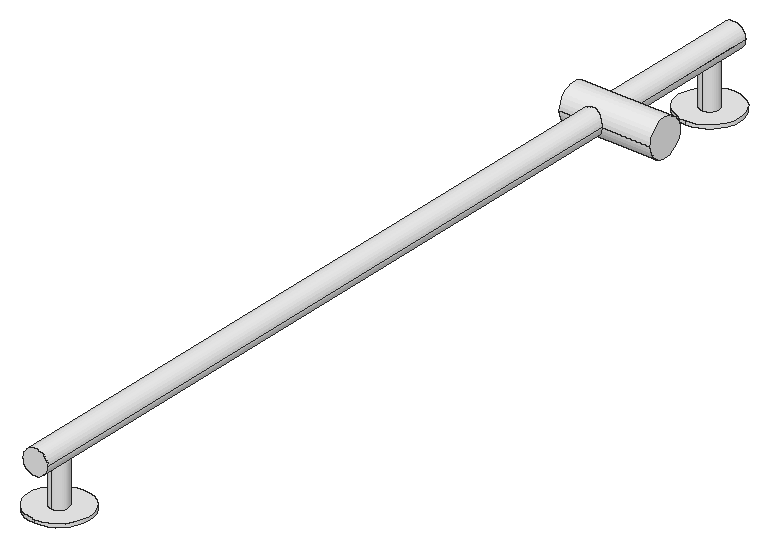
Revit family "KEUCO_34912010800", category Allgemeines Modell, Revit 2016
Family settings
  Teiletyp = Normal
  Kann Basisbauteil für Bewehrung sein = Nein
  Bemaßung runder Anschluss = Durchmesser verwenden
  Arbeitsebenenbasiert = Ja
  Immer vertikal = Nein
  Beim Laden mit Abzugskörper schneiden = Nein
  Gemeinsam genutzt = Nein
  Raumberechnungspunkt = Nein
Parameters (values of type "34912171100")
  Verwendung = ""
  URL = "https://www.keuco.com/de/produkte/sortiment/artikel/?pid=34912&oid=1&pgo=13&country=de&lang=de&vid=34912171100"
  Preisgruppe = ""
  Material Stange = 1180 mm
  Materialien bei Hersteller anfragen = "Anfrage zu:  objektmanagement@keuco.de"
  Kategorie = ""
  Gewicht = 0
  Beschreibung = "komplett mit Brauseschieber"
  Default Elevation = 1219.2 mm
  Serie = "Plan"  # constant formula
  Stange Material = Verchromt
  Hersteller = "KEUCO"  # constant formula
  Assembly Code = ""
  Ausschreibungstext = "KEUCO PLAN CARE Brausestange 34912171100\r\nBrausestange \r\nin Aluminium silber-eloxiert (E6 EV1)/verchromt,\r\nin ästhetischem, funktionalem und ergonomischem Design, \r\nkomplett mit Brauseschieber,\r\nals Haltegriff bis 115 kg belastbar, \r\nantistatisch, leicht zu reinigen,\r\nRohrdurchmesser 33 mm, Rosettendurchmesser 82 mm,\r\nAchsmaß 1100 mm, bei einer Gesamthöhe von 1182 mm\r\nAusladung 90 mm, Wandabstand 57 mm,\r\nDie Brausestange wird verdeckt angebracht\r\n\r\nIm Lieferumfang enthalten: \r\n2 x Befestigungs-Set 1 \r\nArt.-Nr. 34990000100 (je 1 x pro Wandbefestigung) \r\n\r\nWeitere Befestigungs-Sets\r\n(je nach Ankergrund/Mauerwerk):\r\n2 x Befestigungs-Set 4 (Art.-Nr. 34990000200) oder\r\n2 x Befestigungs-Set 7 (Art.-Nr. 34993000200)"
  Artikelnummer = "34912171100"
Types (7, lengths in mm): name | URL | Material Stange | Materialien bei Hersteller anfragen | Beschreibung | Stange Material | Ausschreibungstext | Artikelnummer
  (no name) | "https://www.keuco.com" | 880 | "Request to:  objektmanagement@keuco.de" | "--" | Verchromt | "" | "34912010800"
  34912010800 | "https://www.keuco.com/de/produkte/sortiment/artikel/?pid=34912&oid=1&pgo=13&country=de&lang=de&vid=34912010800" | 880 | "Request to:  objektmanagement@keuco.de" | "komplett mit Brauseschieber" | Verchromt | "KEUCO PLAN CARE Brausestange 34912010800\r\nhochglanzverchromte Brausestange \r\nin ästhetischem, funktionalem und ergonomischem Design, \r\nkomplett mit Brauseschieber,\r\nals Haltegriff bis 115 kg belastbar, \r\nantistatisch, leicht zu reinigen,\r\nRohrdurchmesser 33 mm, Rosettendurchmesser 82 mm,\r\nAchsmaß 800 mm, bei einer Gesamthöhe von 882 mm\r\nAusladung 90 mm, Wandabstand 57 mm,\r\nDie Brausestange wird verdeckt angebracht\r\n\r\nIm Lieferumfang enthalten: \r\n2 x Befestigungs-Set 1 \r\nArt.-Nr. 34990000100 (je 1 x pro Wandbefestigung) \r\n\r\nWeitere Befestigungs-Sets\r\n(je nach Ankergrund/Mauerwerk):\r\n2 x Befestigungs-Set 4 (Art.-Nr. 34990000200) oder\r\n2 x Befestigungs-Set 7 (Art.-Nr. 34993000200)" | "34912010800"
  34912010900 | "https://www.keuco.com/de/produkte/sortiment/artikel/?pid=34912&oid=1&pgo=13&country=de&lang=de&vid=34912010900" | 980 | "Request to:  objektmanagement@keuco.de" | "komplett mit Brauseschieber" | Verchromt | "KEUCO PLAN CARE Brausestange 34912010900\r\nhochglanzverchromte Brausestange \r\nin ästhetischem, funktionalem und ergonomischem Design, \r\nkomplett mit Brauseschieber,\r\nals Haltegriff bis 115 kg belastbar, \r\nantistatisch, leicht zu reinigen,\r\nRohrdurchmesser 33 mm, Rosettendurchmesser 82 mm,\r\nAchsmaß 900 mm, bei einer Gesamthöhe von 982 mm\r\nAusladung 90 mm, Wandabstand 57 mm,\r\nDie Brausestange wird verdeckt angebracht\r\n\r\nIm Lieferumfang enthalten: \r\n2 x Befestigungs-Set 1 \r\nArt.-Nr. 34990000100 (je 1 x pro Wandbefestigung) \r\n\r\nWeitere Befestigungs-Sets\r\n(je nach Ankergrund/Mauerwerk):\r\n2 x Befestigungs-Set 4 (Art.-Nr. 34990000200) oder\r\n2 x Befestigungs-Set 7 (Art.-Nr. 34993000200)" | "34912010900"
  34912011100 | "https://www.keuco.com/de/produkte/sortiment/artikel/?pid=34912&oid=1&pgo=13&country=de&lang=de&vid=34912011100" | 1180 | "Request to:  objektmanagement@keuco.de" | "komplett mit Brauseschieber" | Verchromt | "KEUCO PLAN CARE Brausestange 34912011100\r\nhochglanzverchromte Brausestange \r\nin ästhetischem, funktionalem und ergonomischem Design, \r\nkomplett mit Brauseschieber,\r\nals Haltegriff bis 115 kg belastbar, \r\nantistatisch, leicht zu reinigen,\r\nRohrdurchmesser 33 mm, Rosettendurchmesser 82 mm,\r\nAchsmaß 1100 mm, bei einer Gesamthöhe von 1182 mm\r\nAusladung 90 mm, Wandabstand 57 mm,\r\nDie Brausestange wird verdeckt angebracht\r\n\r\nIm Lieferumfang enthalten: \r\n2 x Befestigungs-Set 1 \r\nArt.-Nr. 34990000100 (je 1 x pro Wandbefestigung) \r\n\r\nWeitere Befestigungs-Sets\r\n(je nach Ankergrund/Mauerwerk):\r\n2 x Befestigungs-Set 4 (Art.-Nr. 34990000200) oder\r\n2 x Befestigungs-Set 7 (Art.-Nr. 34993000200)" | "34912011100"
  34912170800 | "https://www.keuco.com/de/produkte/sortiment/artikel/?pid=34912&oid=1&pgo=13&country=de&lang=de&vid=34912170800" | 880 | "Request to:  objektmanagement@keuco.de" | "komplett mit Brauseschieber" | Aluminium silber-eloxiert (E6 EV1) | "KEUCO PLAN CARE Brausestange 34912170800\r\nBrausestange \r\nin Aluminium silber-eloxiert (E6 EV1)/verchromt,\r\nin ästhetischem, funktionalem und ergonomischem Design, \r\nkomplett mit Brauseschieber,\r\nals Haltegriff bis 115 kg belastbar, \r\nantistatisch, leicht zu reinigen,\r\nRohrdurchmesser 33 mm, Rosettendurchmesser 82 mm,\r\nAchsmaß 800 mm, bei einer Gesamthöhe von 882 mm\r\nAusladung 90 mm, Wandabstand 57 mm,\r\nDie Brausestange wird verdeckt angebracht\r\n\r\nIm Lieferumfang enthalten: \r\n2 x Befestigungs-Set 1 \r\nArt.-Nr. 34990000100 (je 1 x pro Wandbefestigung) \r\n\r\nWeitere Befestigungs-Sets\r\n(je nach Ankergrund/Mauerwerk):\r\n2 x Befestigungs-Set 4 (Art.-Nr. 34990000200) oder\r\n2 x Befestigungs-Set 7 (Art.-Nr. 34993000200)" | "34912170800"
  34912170900 | "https://www.keuco.com/de/produkte/sortiment/artikel/?pid=34912&oid=1&pgo=13&country=de&lang=de&vid=34912170900" | 980 | "Request to:  objektmanagement@keuco.de" | "komplett mit Brauseschieber" | Aluminium silber-eloxiert (E6 EV1) | "KEUCO PLAN CARE Brausestange 34912170900\r\nBrausestange \r\nin Aluminium silber-eloxiert (E6 EV1)/verchromt,\r\nin ästhetischem, funktionalem und ergonomischem Design, \r\nkomplett mit Brauseschieber,\r\nals Haltegriff bis 115 kg belastbar, \r\nantistatisch, leicht zu reinigen,\r\nRohrdurchmesser 33 mm, Rosettendurchmesser 82 mm,\r\nAchsmaß 900 mm, bei einer Gesamthöhe von 982 mm\r\nAusladung 90 mm, Wandabstand 57 mm,\r\nDie Brausestange wird verdeckt angebracht\r\n\r\nIm Lieferumfang enthalten: \r\n2 x Befestigungs-Set 1 \r\nArt.-Nr. 34990000100 (je 1 x pro Wandbefestigung) \r\n\r\nWeitere Befestigungs-Sets\r\n(je nach Ankergrund/Mauerwerk):\r\n2 x Befestigungs-Set 4 (Art.-Nr. 34990000200) oder\r\n2 x Befestigungs-Set 7 (Art.-Nr. 34993000200)" | "34912170900"
  34912171100 | "https://www.keuco.com/de/produkte/sortiment/artikel/?pid=34912&oid=1&pgo=13&country=de&lang=de&vid=34912171100" | 1180 | "Anfrage zu:  objektmanagement@keuco.de" | "komplett mit Brauseschieber" | Verchromt | "KEUCO PLAN CARE Brausestange 34912171100\r\nBrausestange \r\nin Aluminium silber-eloxiert (E6 EV1)/verchromt,\r\nin ästhetischem, funktionalem und ergonomischem Design, \r\nkomplett mit Brauseschieber,\r\nals Haltegriff bis 115 kg belastbar, \r\nantistatisch, leicht zu reinigen,\r\nRohrdurchmesser 33 mm, Rosettendurchmesser 82 mm,\r\nAchsmaß 1100 mm, bei einer Gesamthöhe von 1182 mm\r\nAusladung 90 mm, Wandabstand 57 mm,\r\nDie Brausestange wird verdeckt angebracht\r\n\r\nIm Lieferumfang enthalten: \r\n2 x Befestigungs-Set 1 \r\nArt.-Nr. 34990000100 (je 1 x pro Wandbefestigung) \r\n\r\nWeitere Befestigungs-Sets\r\n(je nach Ankergrund/Mauerwerk):\r\n2 x Befestigungs-Set 4 (Art.-Nr. 34990000200) oder\r\n2 x Befestigungs-Set 7 (Art.-Nr. 34993000200)" | "34912171100"
Reference planes
  plane 1 "Center (Front/Back)": y = 0
  plane 2: z = 0
  plane 3 "Center (Left/Right)": x = 0
  plane 4: z = 73.5
  plane 5: y = 1180
  plane 6: y = 1140
  plane 7: y = 40
Forms (mm)
  Extrusion 1, solid, material "Verchromt" <- "Stange Material"
    sketch origin (211, 733.537, 0) x (0, 1, 0) y (-1, 0, 0)
      loop
        circle (406.463, 211) r 12
    from 4.577 to 61.818
  Extrusion 2, solid, material "Verchromt" <- "Stange Material"
    sketch origin (211, 733.537, 0) x (0, 1, 0) y (-1, 0, 0)
      loop
        circle (406.463, 211) r 41
    from 0 to 4.577
  Extrusion 3, solid, material "Verchromt" <- "Stange Material"
    sketch origin (0, -1.829, 0) x (0, 1, 0) y (0, 0, 1)
      loop
        circle (963.686, 73.5) r 25
    from -40.763 to 82.101
  Sweep 4, solid, material "Verchromt" <- "Stange Material"
    path origin (16.5, 200, 73.5) x (1, 0, 0) y (0, 1, 0)
      loop
        line (-16.5, 980) -> (-16.5, -200)
    profile origin (0, 590, 73.5) x (1, 0, 0) y (0, 0, 1)
      loop
        circle (0, 0) r 16.5
  Extrusion 5, solid, material "Verchromt" <- "Stange Material"
    sketch origin (211, -368.463, 0) x (0, 1, 0) y (-1, 0, 0)
      loop
        circle (408.463, 211) r 12
    from 4.577 to 61.818
  Extrusion 6, solid, material "Verchromt" <- "Stange Material"
    sketch origin (211, -368.463, 0) x (0, 1, 0) y (-1, 0, 0)
      loop
        circle (408.463, 211) r 41
    from 0 to 4.577
Cuts and joins
  joined: Extrusion 1, Extrusion 3, Sweep 4, Extrusion 5
Dimensions and locks
  "Material Stange": plane 5 to plane 1 "Center (Front/Back)"
  locked: plane 5 to plane 6 at 40
  Extrusion 3 to Extrusion 3 = 122.864 mm
  plane 1 "Center (Front/Back)" to plane 7 = 40 mm
  plane 6 to plane 7 = 1100 mm
  aligned and locked: level to plane 2
  aligned and locked: plane 1 "Center (Front/Back)" to Sweep 4 sketch curve
  aligned and locked: plane 5 to Sweep 4 sketch curve
Automatic sketch dimensions
  Extrusion 1 sketch curve to plane 3 "Center (Left/Right)" = 0 mm
  Extrusion 1 sketch curve to plane 6 = 0 mm
  Extrusion 2 sketch curve to plane 3 "Center (Left/Right)" = 0 mm
  Extrusion 2 sketch curve to plane 6 = 0 mm
  plane 4 to Extrusion 3 sketch curve = 0 mm
  Extrusion 3 sketch curve to plane 6 = 178.143 mm
  Sweep 4 sketch curve to plane 3 "Center (Left/Right)" = 0 mm
  Sweep 4 sketch curve to plane 4 = 0 mm
  profile plane to Sweep 4 sketch curve = 0 mm
  Extrusion 5 sketch curve to plane 3 "Center (Left/Right)" = 0 mm
  Extrusion 5 sketch curve to plane 7 = 0 mm
  Extrusion 6 sketch curve to plane 3 "Center (Left/Right)" = 0 mm
  Extrusion 6 sketch curve to plane 7 = 0 mm
  radius of Extrusion 1 sketch curve = 12 mm
  radius of Extrusion 2 sketch curve = 41 mm
  radius of Extrusion 3 sketch curve = 25 mm
  radius of Sweep 4 sketch curve = 16.5 mm
  radius of Extrusion 5 sketch curve = 12 mm
  radius of Extrusion 6 sketch curve = 41 mm
